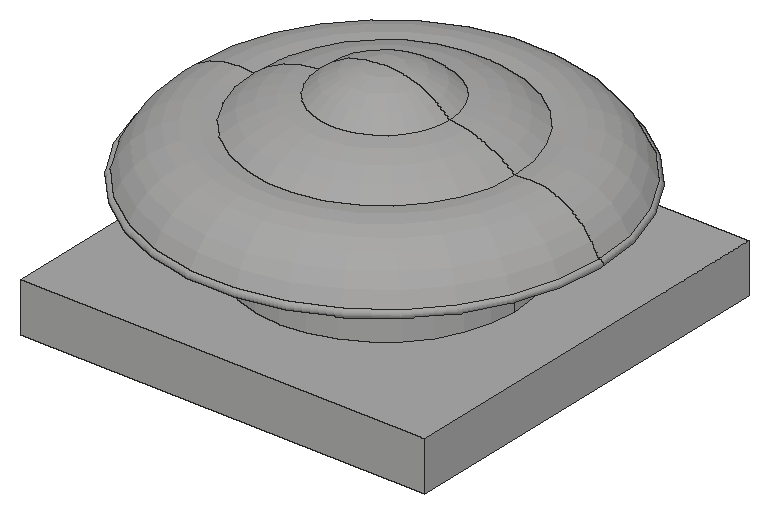
Revit family "Gravity_Hoods-Ventilation-Carnes-GSAA", category Mechanical Equipment, Revit 2012
Parameters (values of type "See Type Catalog")
  ecoScorecard_data = ""
  ecoScorecard Product Page = "http://ecoscorecard.com/"
  Warranty = ""
  Unit = Aluminum - Carnes - Brushed
  URL = "http://www.carnes.com/index.html"
  Throat Area Sq.Ft. = 123/128"
  Throat Area Dia. = 13 1/4"
  Subcategory = "Ventilation"  # constant formula
  Spec Sheet URL = "http://www.carnes.com/Ventilation/pdf/11024.pdf"
  Product Page URL = "http://www.carnes.com/Ventilation/gravity_models.htm"
  Parts List URL = ""
  Motor Type = ""
  Modeling Numbering System = ""
  Model = "GSAA 12"
  Material = "Spun Aluminum"  # constant formula
  Manufacturer Toll Free Phone = ""
  Manufacturer Phone = "608-845-6411"  # constant formula
  Manufacturer Fax = "608-845-6470"  # constant formula
  Manufacturer Email = "mailto:carnes@carnes.com"
  Manufacturer Address = "448 S. Main St., P. O. Box 930040, Verona, WI 53593-0040"  # constant formula
  Manufacturer = "CARNES COMPANY"  # constant formula
  Inlet Area Sq.Ft. = 1 159/256"
  IOM Instructions URL = ""
  G = 8 7/8"
  Flow Rate = 0.0 L/s
  F = 16"
  E = 3 1/2"
  Description = "Non-Powered Ventilators"  # constant formula
  Default Elevation = 0"
  Cost Info = "mailto:carnes@carnes.com"
  Catalog URL = "http://www.carnes.com/Ventilation/pdf/C409-C421.pdf"
  C = 20 1/2"
  Assembly Code = "D3040200"
  A = 21 3/4"
  95 CSI = "15830"  # constant formula
  04 CSI = "23 34 23"  # constant formula
Reference planes (in)
  plane 1 "Center (Front/Back)": y = 0
  plane 2: z = 0
  plane 3 "Center (Left/Right)": x = 0
  plane 4: x = -10.875
  plane 5: x = 10.875
  plane 6: z = 6
  plane 7: z = 11.375
  plane 8: z = 2.5
  plane 9: z = 8.6875
  plane 10: z = 2.25
  plane 11: z = 6.375
  plane 12: y = 10.875
  plane 13: y = -10.875
  plane 14: z = 10.03125
Dimensions and locks (in)
  equal spacing: plane 5, plane 3 "Center (Left/Right)", plane 4
  plane 5 to plane 4 = 21 3/4"
  locked: plane 8 to level at 2.5
  plane 6 to plane 8 = 3 1/2"
  plane 7 to plane 8 = 8 7/8"
  equal spacing: plane 7, plane 9, plane 6
  locked: plane 8 to plane 10 at 0.25
  locked: plane 11 to plane 6 at 0.375
  equal spacing: plane 12, plane 1 "Center (Front/Back)", plane 13
  plane 13 to plane 12 = 21 3/4"
  equal spacing: plane 7, plane 14, plane 9
  aligned and locked: level to plane 2
  aligned and locked: plane 1 "Center (Front/Back)" to nested 1
  aligned and locked: plane 3 "Center (Left/Right)" to nested 1
Nested families (in)
  nested 1: "GSAA" at (0, 0, 0), type "GSAA"
Connectors (in)
  hvac at (0, 0, 0), driven by "Flow Rate", driven by "C", driven by "C"
    settings: on nested 1, index 1, duct flow 0.0 L/s, flow factor 0, pres drop 0.0 Pa, loss coef 0, conn angle 0.00°, conn width 520.7 mm, conn height 520.7 mm, conn radius 304.8 mm, duct sys type 3, conn prof type 1, flow config 0, flow direction 2, loss method 0, conn ref index -1, conn util no, is conn primary yes, conn desc "Outlet"
Definition of nested family "GSAA"
  Parameters (values of type "12")
    ecoScorecard data = ""
    ecoScorecard Product Page = "http://ecoscorecard.com/"
    Wattage = 0 W
    Warranty = ""
    Voltage = 0 V
    Volt Code = ""
    Unit = Aluminum - Carnes - Brushed
    URL = "http://www.carnes.com/index.html"
    Subcategory = "Ventilation"  # constant formula
    Spec Sheet URL = ""
    Product Page URL = "http://www.carnes.com/ventilation/gravitymodels.htm"
    Power Factor = 0
    Phase = 1
    Parts List URL = ""
    Number of Poles = 1
    Motor Type = ""
    Modeling Numbering System = ""
    Model = "GSAA 12"
    Material = "Spun Aluminum"  # constant formula
    Manufacturer Toll Free Phone = ""
    Manufacturer Phone = "608-845-6411"
    Manufacturer Fax = "608-845-6470"
    Manufacturer Email = "mailto:carnes@carnes.com"
    Manufacturer Address = "448 S. Main St., P. O. Box 930040, Verona, WI 53593-0040"  # constant formula
    Manufacturer = "CARNES COMPANY"  # constant formula
    IOM Instructions URL = ""
    Frequency = 0 Hz
    F Radius = D / 2  # 6 5/8"
    Description = "Non-Powered Ventilators"  # constant formula
    D = 13 1/4"
    Cost Info = "mailto:carnes@carnes.com"
    Catalog URL = "http://www.carnes.com/ventilation/pdf/C409-C421.pdf"
    CS = 8 7/8"
    BS = 3 1/2"
    BE = 20 1/2"
    Assembly Code = "D3040200"
    Apparent Load = 0 VA
    Amperage = 0 A
    A Panel Sq. Radius = A Panel Sq. / 2  # 10 7/8"
    A Panel Sq. = 21 3/4"
    95 CSI = "15830"  # constant formula
    04 CSI = "23 34 23"  # constant formula
  Types (9): name | Model | F Radius | D | CS | BS | BE | A Panel Sq. Radius | A Panel Sq.
    12 | "GSAA 12" | 6 5/8" | 13 1/4" | 8 7/8" | 3 1/2" | 20 1/2" | 10 7/8" | 21 3/4"
    16 | "GSAA 16" | 8 1/8" | 16 1/4" | 10 1/4" | 3" | 25" | 12 7/8" | 25 3/4"
    22 | "GSAA 22" | 11" | 22" | 12 1/4" | 4 1/4" | 28 1/2" | 16 9/16" | 33 1/8"
    28 | "GSAA 28" | 14 3/8" | 28 3/4" | 13 5/8" | 3 1/2" | 37" | 21 1/8" | 42 1/4"
    32 | "GSAA 32" | 16" | 32" | 18 3/8" | 5" | 43" | 25 1/8" | 50 1/4"
    38 | "GSAA 38" | 19" | 38" | 21 1/8" | 6 1/2" | 49" | 28 3/4" | 57 1/2"
    46 | "GSAA 46" | 23" | 46" | 25 1/4" | 6 7/8" | 57" | 34 1/8" | 68 1/4"
    52 | "GSAA 52" | 26" | 52" | 30 1/4" | 10 1/2" | 57" | 39 1/4" | 78 1/2"
    60 | "GSAA 60" | 30" | 60" | 32 1/4" | 12 1/2" | 67" | 42 3/8" | 84 3/4"
  Reference planes (in)
    plane 1 "Center (Front/Back)": y = 0
    plane 2: z = 0
    plane 3 "Center (Left/Right)": x = 0
    plane 4: x = -10.875
    plane 5: x = 10.875
    plane 6: z = 6
    plane 7: x = -10.25
    plane 8: x = 10.25
    plane 9: z = 11.375
    plane 10: x = -6.625
    plane 11: x = 6.625
    plane 12: z = 2.5
    plane 13: z = 8.6875
    plane 14: y = 10.25
    plane 15: y = -10.25
    plane 16: z = 2.25
    plane 17: z = 6.375
    plane 18: z = 10.03125
    plane 19: x = -3.3125
    plane 20: y = 10.875
    plane 21: y = -10.875
    plane 22: z = 10.03125
    plane 23: x = -3.3125
    plane 24: x = 3.3125
  Forms (in)
    Extrusion 1, solid, material "Aluminum - Carnes - Brushed" <- "Unit", detail levels medium+fine
      sketch origin (0, 0, 0) x (1, 0, 0) y (0, 1, 0)
        loop
          circle (0, 0) r 6.625
      from 2.5 to 6
    Revolve 2, solid, material "Aluminum - Carnes - Brushed" <- "Unit", detail levels medium+fine
      sketch origin (0, 0, 0) x (1, 0, 0) y (0, 0, 1)
        loop
          arc (0, 11.375) -> (-1.79463, 11.04425) -> (-3.3125, 10.03125) r 4.523
          arc (-3.3125, 10.03125) -> (-5.07986, 9.63329) -> (-6.625, 8.6875) r 5.55152
          arc (-6.625, 8.6875) -> (-9.16124, 8.28704) -> (-10.875, 6.375) r 3.83114
          arc (-10.875, 6.375) -> (-11.0625, 6.1875) -> (-10.875, 6) r 0.1875
          line (-10.875, 6) -> (0, 6) -> (0, 11.375)
        axis (0, 6) -> (0, 11.375)
      angle from 0 to 360
    Sweep 3, solid, material "Aluminum - Carnes - Brushed" <- "Unit", detail levels medium+fine
      path origin (0, 0, 0) x (1, 0, 0) y (0, 1, 0)
        loop
          line (-10.25, -10.25) -> (10.25, -10.25) -> (10.25, 10.25) -> (-10.25, 10.25) -> (-10.25, -10.25)
      profile origin (-10.25, 0, 0) x (-1, 0, 0) y (0, 0, 1)
        loop
          line (0, 2.5) -> (-2.25, 2.5) -> (-2.25, 2.25) -> (-0.25, 2.25) -> (-0.25, 0) -> (0, 0) -> (0, 2.5)
    Extrusion 4, solid, material "Aluminum - Carnes - Brushed" <- "Unit", detail levels medium+fine
      sketch origin (0, 0, 0) x (1, 0, 0) y (0, 1, 0)
        loop
          line (-8, 8) -> (-8, -8) -> (8, -8) -> (8, 8) -> (-8, 8)
      from 2.25 to 2.5
    Extrusion 5, solid, detail levels coarse
      sketch origin (0, 0, 0) x (1, 0, 0) y (0, 1, 0)
        loop
          line (-10.875, 10.875) -> (-10.875, -10.875) -> (10.875, -10.875) -> (10.875, 10.875) -> (-10.875, 10.875)
      from 0 to 11.375
  Cuts and joins
    joined: Sweep 3, Extrusion 4
  Lines and regions (in)
    symbolic lines, detail levels coarse
      curve 1: line (-10.875, 10.875, 0) -> (10.875, 10.875, 0)
      curve 2: line (-10.875, -10.875, 0) -> (-10.875, 10.875, 0)
      curve 3: line (10.875, -10.875, 0) -> (-10.875, -10.875, 0)
      curve 4: line (10.875, 10.875, 0) -> (10.875, -10.875, 0)
      curve 17: line (-10.875, 0, 11.375) -> (10.875, 0, 11.375)
      curve 18: line (-10.875, 0, 0) -> (-10.875, 0, 11.375)
      curve 19: line (10.875, 0, 0) -> (-10.875, 0, 0)
      curve 20: line (10.875, 0, 11.375) -> (10.875, 0, 0)
    symbolic lines, detail levels medium+fine
      curve 5: circle (0, 0, 0) r 6.625 normal (0, 0, 1)
      curve 6: circle (0, 0, 0) r 10.875 normal (0, 0, 1)
      curve 7: circle (0, 0, 0) r 11.09857 normal (0, 0, 1)
      curve 8: circle (0, 0, 0) r 3.5 normal (0, 0, 1)
      curve 9: line (-10.25, 10.25, 0) -> (-4.25627, 10.25, 0)
      curve 10: line (-10.25, -10.25, 0) -> (-10.25, -4.25627, 0)
      curve 11: line (-10.25, -10.25, 0) -> (-4.25627, -10.25, 0)
      curve 12: line (10.25, -10.25, 0) -> (10.25, -4.25627, 0)
      curve 13: line (4.25627, 10.25, 0) -> (10.25, 10.25, 0)
      curve 14: line (10.25, 4.25627, 0) -> (10.25, 10.25, 0)
      curve 15: line (4.25627, -10.25, 0) -> (10.25, -10.25, 0)
      curve 16: line (-10.25, 4.25627, 0) -> (-10.25, 10.25, 0)
      curve 30: line (-6.625, 0, 8.6875) -> (6.625, 0, 8.6875)
      curve 31: line (-3.3125, 0, 10.03125) -> (3.3125, 0, 10.03125)
      curve 32: line (-10.875, 0, 6.375) -> (10.875, 0, 6.375)
      curve 33: line (-6.625, 0, 6) -> (-6.625, 0, 2.5)
      curve 34: line (6.625, 0, 6) -> (6.625, 0, 2.5)
      curve 35: line (-10.25, 0, 2.5) -> (10.25, 0, 2.5)
      curve 36: line (-10.25, 0, 0) -> (-10.25, 0, 2.5)
      curve 37: line (10.25, 0, 0) -> (-10.25, 0, 0)
      curve 38: line (10.25, 0, 2.5) -> (10.25, 0, 0)
    symbolic lines, style "MechanicalEquipment", detail levels medium+fine
      curve 21: line (-10.875, 0, 6) -> (10.875, 0, 6)
      curve 22: arc (-10.875, 0, 6) -> (-11.0625, 0, 6.1875) -> (-10.875, 0, 6.375) r 0.1875
      curve 23: arc (-10.875, 0, 6.375) -> (-9.16124, 0, 8.28704) -> (-6.625, 0, 8.6875) r 3.83114
      curve 24: arc (-6.625, 0, 8.6875) -> (-5.04847, 0, 9.5559) -> (-3.3125, 0, 10.03125) r 7.63766
      curve 25: arc (-3.3125, 0, 10.03125) -> (-1.79463, 0, 11.04425) -> (0, 0, 11.375) r 4.523
      curve 26: arc (10.875, 0, 6.375) -> (9.16124, 0, 8.28704) -> (6.625, 0, 8.6875) r 3.83114
      curve 27: arc (6.625, 0, 8.6875) -> (5.04317, 0, 9.54282) -> (3.3125, 0, 10.03125) r 8.16738
      curve 28: arc (3.3125, 0, 10.03125) -> (1.79463, 0, 11.04425) -> (0, 0, 11.375) r 4.523
      curve 29: arc (10.875, 0, 6) -> (11.0625, 0, 6.1875) -> (10.875, 0, 6.375) r 0.1875
  Dimensions and locks (in)
    equal spacing: plane 5, plane 3 "Center (Left/Right)", plane 4
    "A Panel Sq.": plane 5 to plane 4
    equal spacing: plane 7, plane 3 "Center (Left/Right)", plane 8
    "BE": plane 7 to plane 8
    equal spacing: plane 10, plane 3 "Center (Left/Right)", plane 11
    "D": plane 11 to plane 10
    locked: plane 12 to level at 2.5
    "BS": plane 6 to plane 12
    "CS": plane 9 to plane 12
    equal spacing: plane 9, plane 13, plane 6
    equal spacing: plane 15, plane 1 "Center (Front/Back)", plane 14
    "BE": plane 15 to plane 14
    locked: plane 12 to plane 16 at 0.25
    locked: plane 7 to Sweep 3 sketch curve at 0.25
    locked: plane 17 to plane 6 at 0.375
    equal spacing: plane 9, plane 18, plane 13
    equal spacing: plane 10, plane 19, plane 3 "Center (Left/Right)"  (x2)
    equal spacing: plane 20, plane 1 "Center (Front/Back)", plane 21
    "A Panel Sq.": plane 21 to plane 20
    locked: plane 5 to curve 6 at 0
    locked: plane 11 to Extrusion 1 at 0
    locked: plane 5 to curve 7 at 0.22357
    equal spacing: plane 9, plane 22, plane 13
    equal spacing: plane 3 "Center (Left/Right)", plane 23, plane 10
    equal spacing: plane 11, plane 24, plane 3 "Center (Left/Right)"
    "F Radius": radius of Extrusion 1 sketch curve
    "F Radius": radius of curve 5
    "BS": radius of curve 8
    aligned and locked: level to plane 2
    aligned and locked: Revolve 2 sketch curve to plane 3 "Center (Left/Right)"
    aligned and locked: Sweep 3 sketch curve to plane 7
    aligned and locked: plane 15 to Sweep 3 sketch curve
    aligned and locked: plane 12 to Sweep 3 sketch curve
    aligned and locked: level to Sweep 3 sketch curve
    aligned and locked: profile plane to Sweep 3 sketch curve
    aligned and locked: Sweep 3 sketch curve to plane 14
    aligned and locked: plane 8 to Sweep 3 sketch curve
    aligned and locked: Extrusion 4 sketch curve to Sweep 3  (x4)
    aligned and locked: Extrusion 4 to plane 16
    aligned and locked: plane 12 to Extrusion 4
    aligned and locked: plane 16 to Sweep 3 sketch curve
    aligned and locked: Extrusion 1 to plane 12
    aligned and locked: Revolve 2 sketch curve to plane 6
    aligned and locked: plane 4 to Revolve 2 sketch curve
    aligned and locked: plane 13 to Revolve 2 sketch curve
    aligned and locked: plane 10 to Revolve 2 sketch curve
    aligned and locked: plane 19 to Revolve 2 sketch curve
    aligned and locked: plane 18 to Revolve 2 sketch curve
    aligned and locked: plane 6 to Extrusion 1
    aligned and locked: plane 4 to Extrusion 5
    aligned and locked: plane 5 to Extrusion 5
    aligned and locked: plane 9 to Extrusion 5
    aligned and locked: Extrusion 5 to plane 2
    aligned and locked: plane 20 to Extrusion 5
    aligned and locked: plane 21 to Extrusion 5
    aligned and locked: curve 2 to plane 4
    aligned and locked: curve 3 to plane 21
    aligned and locked: curve 1 to plane 20
    aligned and locked: curve 4 to plane 5
    aligned and locked: curve 9 to plane 14
    aligned and locked: curve 10 to plane 7
    aligned and locked: plane 15 to curve 11
    aligned and locked: plane 8 to curve 12
    aligned and locked: curve 17 to Extrusion 5
    aligned and locked: curve 18 to Extrusion 5
    aligned and locked: curve 19 to Extrusion 5
    aligned and locked: curve 20 to Extrusion 5
    aligned and locked: plane 22 to curve 25
    aligned and locked: plane 23 to curve 25
    aligned and locked: plane 10 to curve 23
    aligned and locked: plane 13 to curve 23
    aligned and locked: plane 4 to curve 23
    aligned and locked: plane 17 to curve 23
    aligned and locked: curve 21 to plane 6
    aligned and locked: plane 5 to curve 26
    aligned and locked: plane 17 to curve 26
    aligned and locked: plane 11 to curve 27
    aligned and locked: plane 13 to curve 27
    aligned and locked: plane 24 to curve 28
    aligned and locked: plane 3 "Center (Left/Right)" to curve 28
    aligned and locked: plane 22 to curve 28
    aligned and locked: curve 33 to Extrusion 1
    aligned and locked: curve 34 to Extrusion 1
    aligned and locked: curve 35 to plane 12
    aligned and locked: curve 36 to plane 7
    aligned and locked: curve 37 to cut or joined group of Sweep 3, Extrusion 4
    aligned and locked: curve 38 to cut or joined group of Sweep 3, Extrusion 4
    aligned and locked: nested 1 to plane 1 "Center (Front/Back)"
    aligned and locked: nested 1 to level
  Automatic sketch dimensions
    plane 1 "Center (Front/Back)" to Extrusion 1 sketch curve = 0"
    Extrusion 1 sketch curve to plane 3 "Center (Left/Right)" = 0"
    curve 5 to curve 6 = 0"
    curve 5 to curve 8 = 0"
    curve 6 to curve 7 = 0"
    curve 6 to curve 8 = 0"  (x2)
    curve 7 to curve 8 = 0"
    curve 16 to plane 7 = 0"
    plane 1 "Center (Front/Back)" to curve 5 = 0"
    curve 5 to plane 3 "Center (Left/Right)" = 0"
    plane 15 to curve 15 = 0"
    plane 14 to curve 13 = 0"
    curve 14 to plane 8 = 0"
    Sweep 3 sketch curve to Sweep 3 sketch curve = 2"
    Revolve 2 sketch curve to plane 3 "Center (Left/Right)" = 0"
    Revolve 2 sketch curve to plane 17 = 0"
    Revolve 2 sketch curve to plane 9 = 0"
    plane 10 to Revolve 2 sketch curve = 0.70516"
    Revolve 2 sketch curve to plane 19 = 0.3195"
    Revolve 2 sketch curve to plane 3 "Center (Left/Right)" = 0.0944"
    Revolve 2 sketch curve to plane 13 = 0.60347"
    plane 18 to Revolve 2 sketch curve = 0.47847"
    Extrusion 5 sketch curve to plane 4 = 0"
    Extrusion 5 sketch curve to plane 5 = 0"
    Extrusion 5 sketch curve to plane 21 = 0"
    Extrusion 5 sketch curve to plane 20 = 0"
    curve 25 to plane 3 "Center (Left/Right)" = 0"
    curve 29 to plane 6 = 0"
    curve 22 to plane 6 = 0"
    curve 22 to plane 17 = 0"
    curve 29 to plane 17 = 0"
    plane 10 to curve 23 = 0.70516"
    curve 24 to plane 12 = 0.02159"
    curve 25 to plane 3 "Center (Left/Right)" = 0.0944"
    plane 3 "Center (Left/Right)" to curve 28 = 0.0944"
    curve 27 to plane 16 = 0.27554"
    plane 11 to curve 26 = 0.70516"
  Nested families (in)
    nested 1: "2D-Symbolic Lines" at (3.3125, 0, 0) x (0, 1, 0) z (0, 0, 1), type "12"
  Definition of nested family "2D-Symbolic Lines"
    Parameters (values of type "12")
      ecoScorecard data = ""
      ecoScorecard Product Page = "http://ecoscorecard.com/"
      URL = "http://www.carnes.com/index.html"
      Subcategory = "Ventilation"  # constant formula
      Product Page URL = "http://www.carnes.com/ventilation/gravitymodels.htm"
      Model = "GSAA 12"
      Material = "Spun Aluminum"  # constant formula
      Manufacturer Toll Free Phone = ""
      Manufacturer Phone = "608-845-6411"
      Manufacturer Fax = "608-845-6470"
      Manufacturer Email = "mailto:carnes@carnes.com"
      Manufacturer Address = "448 S. Main St., P. O. Box 930040, Verona, WI 53593-0040"  # constant formula
      Manufacturer = "CARNES COMPANY"  # constant formula
      F Radius = D / 2  # 6 5/8"
      Description = "Non-Powered Ventilators"  # constant formula
      D = 13 1/4"
      Cost Info = "mailto:carnes@carnes.com"
      CS = 8 7/8"
      BS = 3 1/2"
      BE = 20 1/2"
      Assembly Code = "D3040200"
      A Panel Sq. Radius = A Panel Sq. / 2  # 10 7/8"
      A Panel Sq. = 21 3/4"
      95 CSI = "15830"  # constant formula
      04 CSI = "23 34 23"  # constant formula
    Reference planes (in)
      plane 1 "Center (Front/Back)": y = 0
      plane 2: z = 0
      plane 3 "Center (Left/Right)": x = 0
      plane 4: x = -10.875
      plane 5: x = 10.875
      plane 6: z = 6
      plane 7: x = -10.25
      plane 8: x = 10.25
      plane 9: z = 11.375
      plane 10: x = -6.625
      plane 11: x = 6.625
      plane 12: z = 2.5
      plane 13: z = 8.6875
      plane 14: y = 10.25
      plane 15: y = -10.25
      plane 16: z = 2.25
      plane 17: z = 6.375
      plane 18: y = 10.875
      plane 19: y = -10.875
      plane 20: z = 10.03125
      plane 21: x = -3.3125
      plane 22: x = 3.3125
    Lines and regions (in)
      symbolic lines, detail levels coarse
        curve 1: line (-10.875, 0, 11.375) -> (10.875, 0, 11.375)
        curve 2: line (-10.875, 0, 0) -> (-10.875, 0, 11.375)
        curve 3: line (10.875, 0, 0) -> (-10.875, 0, 0)
        curve 4: line (10.875, 0, 11.375) -> (10.875, 0, 0)
      symbolic lines, style "MechanicalEquipment", detail levels medium+fine
        curve 5: line (-10.875, 0, 6) -> (10.875, 0, 6)
        curve 6: arc (-10.875, 0, 6) -> (-11.0625, 0, 6.1875) -> (-10.875, 0, 6.375) r 0.1875
        curve 7: arc (-10.875, 0, 6.375) -> (-9.16124, 0, 8.28704) -> (-6.625, 0, 8.6875) r 3.83114
        curve 8: arc (-6.625, 0, 8.6875) -> (-5.04847, 0, 9.5559) -> (-3.3125, 0, 10.03125) r 7.63766
        curve 9: arc (-3.3125, 0, 10.03125) -> (-1.79463, 0, 11.04425) -> (0, 0, 11.375) r 4.523
        curve 10: arc (10.875, 0, 6.375) -> (9.16124, 0, 8.28704) -> (6.625, 0, 8.6875) r 3.83114
        curve 11: arc (6.625, 0, 8.6875) -> (5.04317, 0, 9.54282) -> (3.3125, 0, 10.03125) r 8.16738
        curve 12: arc (3.3125, 0, 10.03125) -> (1.79463, 0, 11.04425) -> (0, 0, 11.375) r 4.523
        curve 13: arc (10.875, 0, 6) -> (11.0625, 0, 6.1875) -> (10.875, 0, 6.375) r 0.1875
      symbolic lines, detail levels medium+fine
        curve 14: line (-6.625, 0, 8.6875) -> (6.625, 0, 8.6875)
        curve 15: line (-3.3125, 0, 10.03125) -> (3.3125, 0, 10.03125)
        curve 16: line (-10.875, 0, 6.375) -> (10.875, 0, 6.375)
        curve 17: line (-6.625, 0, 6) -> (-6.625, 0, 2.5)
        curve 18: line (6.625, 0, 6) -> (6.625, 0, 2.5)
        curve 19: line (-10.25, 0, 2.5) -> (10.25, 0, 2.5)
        curve 20: line (-10.25, 0, 0) -> (-10.25, 0, 2.5)
        curve 21: line (10.25, 0, 0) -> (-10.25, 0, 0)
        curve 22: line (10.25, 0, 2.5) -> (10.25, 0, 0)
    Dimensions and locks (in)
      equal spacing: plane 5, plane 3 "Center (Left/Right)", plane 4
      "A Panel Sq.": plane 5 to plane 4
      equal spacing: plane 7, plane 3 "Center (Left/Right)", plane 8
      "BE": plane 7 to plane 8
      equal spacing: plane 10, plane 3 "Center (Left/Right)", plane 11
      "D": plane 11 to plane 10
      locked: plane 12 to level at 2.5
      "BS": plane 6 to plane 12
      "CS": plane 9 to plane 12
      equal spacing: plane 9, plane 13, plane 6
      equal spacing: plane 15, plane 1 "Center (Front/Back)", plane 14
      "BE": plane 15 to plane 14
      locked: plane 12 to plane 16 at 0.25
      locked: plane 17 to plane 6 at 0.375
      equal spacing: plane 18, plane 1 "Center (Front/Back)", plane 19
      "A Panel Sq.": plane 19 to plane 18
      equal spacing: plane 9, plane 20, plane 13
      plane 10 to plane 3 "Center (Left/Right)" = 6 5/8"
      equal spacing: plane 3 "Center (Left/Right)", plane 21, plane 10
      equal spacing: plane 11, plane 22, plane 3 "Center (Left/Right)"
      aligned and locked: level to plane 2
      aligned and locked: plane 20 to curve 9
      aligned and locked: plane 21 to curve 9
      aligned and locked: plane 10 to curve 7
      aligned and locked: plane 13 to curve 7
      aligned and locked: plane 4 to curve 7
      aligned and locked: plane 17 to curve 7
      aligned and locked: curve 5 to plane 6
      aligned and locked: plane 5 to curve 10
      aligned and locked: plane 17 to curve 10
      aligned and locked: plane 11 to curve 11
      aligned and locked: plane 13 to curve 11
      aligned and locked: plane 22 to curve 12
      aligned and locked: plane 3 "Center (Left/Right)" to curve 12
      aligned and locked: plane 20 to curve 12
      aligned and locked: curve 19 to plane 12
      aligned and locked: curve 20 to plane 7
    Automatic sketch dimensions
      curve 9 to plane 3 "Center (Left/Right)" = 0"
      curve 13 to plane 6 = 0"
      curve 6 to plane 6 = 0"
      curve 6 to plane 17 = 0"
      curve 13 to plane 17 = 0"
      plane 10 to curve 7 = 0.70516"
      curve 8 to plane 12 = 0.02159"
      curve 9 to plane 3 "Center (Left/Right)" = 0.0944"
      plane 3 "Center (Left/Right)" to curve 12 = 0.0944"
      curve 11 to plane 16 = 0.27554"
      plane 11 to curve 10 = 0.70516"
      curve 2 to level = 0"
      curve 12 to plane 9 = 0"
      plane 10 to curve 17 = 0"
      curve 18 to plane 11 = 0"
      curve 19 to plane 8 = 0"
      curve 22 to level = 0"
Types in the file's own list only (9): name | Throat Area Sq.Ft. | Throat Area Dia. | Model | Inlet Area Sq.Ft. | G | F | E | C | A
  GSAA 12 | 123/128" | 13 1/4" | "GSAA 12" | 1 159/256" | 8 7/8" | 16" | 3 1/2" | 20 1/2" | 21 3/4"
  GSAA 16 | 1 113/256" | 16 1/4" | "GSAA 16" | 2 59/256" | 10 1/4" | 20" | 3" | 25" | 25 3/4"
  GSAA 22 | 2 41/64" | 22" | "GSAA 22" | 3 87/256" | 12 1/4" | 24" | 4 1/4" | 28 1/2" | 33 1/8"
  GSAA 28 | 4 131/256" | 28 3/4" | "GSAA 28" | 5 59/256" | 13 5/8" | 32" | 3 1/2" | 37" | 42 1/4"
  GSAA 32 | 5 37/64" | 32" | "GSAA 32" | 8 49/256" | 18 3/8" | 38" | 5" | 43" | 50 1/4"
  GSAA 38 | 7 223/256" | 38" | "GSAA 38" | 10 41/256" | 21 1/8" | 44" | 6 1/2" | 49" | 57 1/2"
  GSAA 46 | 11 69/128" | 46" | "GSAA 46" | 13 55/64" | 25 1/2" | 52" | 6 7/8" | 57" | 68 1/4"
  GSAA 52 | 14 3/4" | 52" | "GSAA 52" | 18 55/64" | 30 1/4" | 52" | 10 1/2" | 57" | 78 1/2"
  GSAA 60 | 19 41/64" | 60" | "GSAA 60" | 19 41/64" | 32 1/4" | 62" | 12 1/2" | 67" | 84 3/4"
